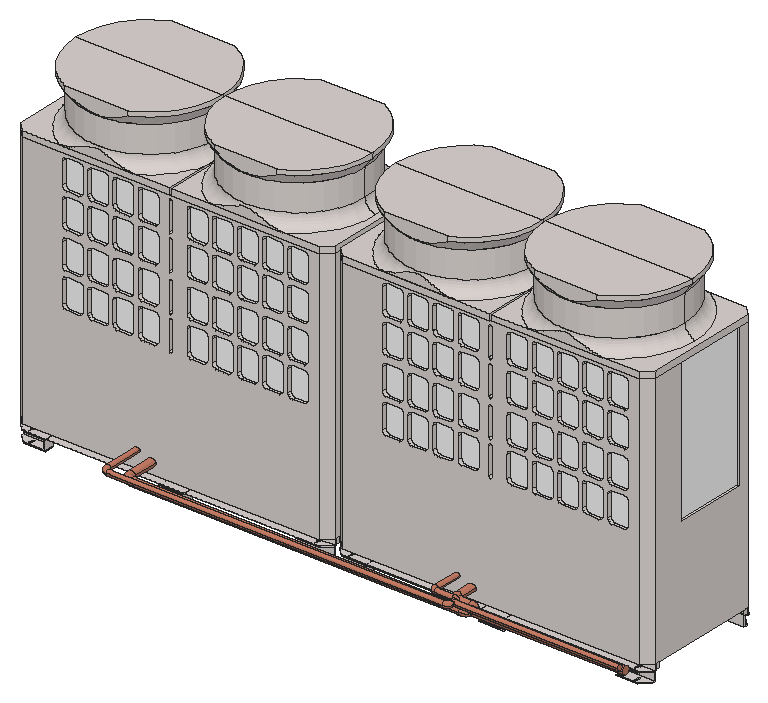
Revit family "PURY-P1000YSNW-A1", category 機械設備, Revit 2016
Family settings
  パーツ タイプ = 標準
  丸型コネクタ寸法 = 半径を使用
  OmniClass 番号 = 23.75.00.00
  OmniClass タイトル = Climate Control (HVAC)
  作業面に基づく = いいえ
  常に垂直 = はい
  ロード時にボイドで切り取り = いいえ
  共有 = いいえ
  部屋の計算ポイント = いいえ
Parameters (values of type "PURY-P1000YSNW-A1_415V_60Hz")
  WarrantyStart = ""
  Temp. range of cooling (Outdoor temp.) (D.B.) = "-5.0 to 52.0"
  Temp. range of cooling (Indoor temp.) (W.B.) = "15.0 to 24.0"
  TagNumber = 0
  SerialNumber = 0
  ReplacementYear = ""
  Outdoor unit 2 Breaker size (A) = 60
  Outdoor unit 1 Breaker size (A) = 60
  Note_1 = "Refrigerant pipe diameters may change depending on the installation condition. Please refer to the installation manual."
  モデル = "PURY-P1000YSNW-A1"
  Width = 3530.000 mm
  Voltage = 415 V
  Unit Weight (kg) = 670
  URL = "http://www.mitsubishielectric.com/"
  Temp. range of heating (Outdoor temp.) (W.B.) = "-20.0 to 15.5"
  Temp. range of heating (Indoor temp.) (D.B.) = "15.0 to 27.0"
  Subcategory = "HVAC"
  Space View = yes
  Sound Pressure Level (dB(A)) Heating mode = 67.5
  Sound Pressure Level (dB(A)) Cooling mode = 66.5
  Refrigerant type = "R410A"
  Refrigerant Charge (kg) = 21.6
  Protection Devices_Inverter circuit (COMP./FAN) = "Over-current protection"
  Protection Devices_High pressure (MPa) = "High pressure sensor, High pressure switch at 4.15"
  Phase = 3
  製造元 = "Mitsubishi Electric Corporation"
  Outdoor unit 2 = PURY-P500YNW-A1 : PURY-P500YNW-A1
  Outdoor unit 1 = PURY-P500YNW-A1 : PURY-P500YNW-A1
  Maximum Circuit Ampacity (A) = 86.4
  Low pressure pipe_radius = 20.640 mm
  InstallationDate = "0"
  Indoor Unit Total Capacity = "50 to 150% of outdoor unit capacity"
  Indoor Unit Model/Quantity = "P10 to P250/2 to 50"
  High pressure pipe_radius = 14.290 mm
  Hertz = 60 Hz
  Height = 1858.000 mm
  Heating SCOP (kW/kW) = 3.92
  Heating Rated Load Ampacity (A) = 56.2
  Heating Power Input (kW) = 36.38
  Heating Power Input (Nominal) (kW) = 30.13
  Heating Current Input (Nominal) (A) = 46.5
  Heating Current Input (A) = 56.2
  Heating Capacity (kW) = 127
  Heating Capacity (Nominal) (kW) = 113
  Heating COP (kW/kW) = 3.49
  Heating COP (Nominal) (kW/kW) = 3.75
  Fan_Type = "Propeller Fan"
  Fan_Quantity = 4
  Fan Motor Output (kW) = 3.68
  External static pressure (Pa) = 0
  External Finish = "Pre-coated galvanized steel sheets (+powder coating for -BS type) <MUNSELL 5Y 8/1 or similar>"
  Equip_description = "0"
  Equip_No. = 0
  Equip_ID = "0"
  Description = "0"
  Depth = 740.000 mm
  CreatedOn = "0"
  CreatedBy = "0"
  Cooling SEER (kW/kW) = 6.05
  Cooling Rated Load Ampacity (A) = 59.6
  Cooling Power Input (kW) = 38.56
  Cooling EER (kW/kW) = 2.93
  Cooling Current Input (Nominal) (A) = 0
  Cooling Current Input (A) = 59.6
  Cooling Capacity (kW) = 113
  Compressor_Type = "Inverter scroll hermetic compressor"
  Compressor_Quantity = 2
  Compressor_Lubricant = "MEL32"
  Compressor Motor Output (kW) = 28.4
  Category = "0"
  Barcode = "0"
  AssetIdentifier = "0"
  Airflow Rate (m3/min) = 590
  Airflow Rate (m3/h) = 35400
Reference planes
  plane 1 "Center (Front/Back)": y = 0
  plane 2: z = 0
  plane 3 "Center (Left/Right)": x = 0
  plane 4: y = 370
  plane 5 "front": y = -370
  plane 6: x = -1765
  plane 7: x = 1765
  plane 8: x = 15
  plane 9: x = -15
  plane 10: z = 1858
  plane 11: x = 783
  plane 12: x = 700
Forms (mm)
  Sweep 1, solid, material "Copper"
    path origin (1017.215, -4.248, 187) x (0, -1, 0) y (1, 0, 0)
      loop
        line (360, -2097.215) -> (570, -2097.215)
        arc (570, -2097.215) -> (591.213, -2088.428) -> (600, -2067.215) r 30
        line (600, -2067.215) -> (600, -198.993)
        arc (600, -198.993) -> (594.142, -184.851) -> (580, -178.993) r 20
        line (580, -178.993) -> (552.385, -178.993)
        arc (552.385, -178.993) -> (538.243, -184.851) -> (532.385, -198.993) r 20
        line (532.385, -198.993) -> (532.385, -297.215)
        arc (532.385, -297.215) -> (526.527, -311.357) -> (512.385, -317.215) r 20
        line (512.385, -317.215) -> (357.385, -317.215)
    profile origin (-1080, -469.248, 187) x (1, 0, 0) y (0, 0, 1)
      loop
        circle (0, 0) r 14.29
  Sweep 2, solid, material "Copper"
    path origin (1039.386, -4.248, 155) x (0, -1, 0) y (1, 0, 0)
      loop
        line (360, -2036.371) -> (509.981, -2036.371)
        arc (509.981, -2036.371) -> (541.785, -2023.198) -> (554.959, -1991.394) r 44.978
        line (554.959, -1991.394) -> (554.959, -520.386) -> (554.959, -160.079)
        arc (554.959, -160.079) -> (546.196, -138.923) -> (525.039, -130.16) r 29.92
        line (525.039, -130.16) -> (520.319, -130.16)
        arc (520.319, -130.16) -> (499.331, -138.853) -> (490.637, -159.841) r 29.681
        line (490.637, -159.841) -> (490.637, -225.116)
        arc (490.637, -225.116) -> (481.779, -246.927) -> (460.222, -256.386) r 31.282
        line (460.222, -256.386) -> (360, -256.386)
    profile origin (-996.985, -439.239, 155) x (1, 0, 0) y (0, 0, 1)
      loop
        circle (0, 0) r 20.64
  Sweep 3, solid, material "Copper"
    path origin (934.386, -4.248, 187) x (0, -1, 0) y (1, 0, 0)
      loop
        line (565.96, -89.386) -> (565.96, 830.614)
    profile origin (1305, -570.208, 187) x (0, 1, 0) y (0, 0, 1)
      loop
        circle (0, 0) r 14.29
  Sweep 4, solid, material "Copper"
    path origin (934.386, -4.248, 155.027) x (-1, 0, 0) y (0, -1, 0)
      loop
        line (30, 523.84) -> (-830, 523.84)
    profile origin (1334.386, -528.088, 155.027) x (0, 1, 0) y (0, 0, 1)
      loop
        circle (0, 0) r 20.64
Dimensions and locks
  plane 6 to plane 3 "Center (Left/Right)" to plane 7 = 1765.000 mm, 1765.000 mm
  plane 6 to plane 9 to plane 8 = 1750.000 mm, 30.000 mm
  plane 8 to plane 7 = 1750.000 mm
  "High pressure pipe_radius": radius of Sweep 3 sketch curve
  "Low pressure pipe_radius": radius of Sweep 4 sketch curve
  aligned and locked: level to plane 2
Automatic sketch dimensions
  Sweep 1 sketch curve to plane 5 "front" = 8.366 mm
  Sweep 1 sketch curve to plane 5 "front" = 5.752 mm
  plane 5 "front" to Sweep 1 sketch curve = 146.634 mm
  Sweep 1 sketch curve to Sweep 1 sketch curve = 20.000 mm  (x2)
  plane 5 "front" to Sweep 1 sketch curve = 204.248 mm
  Sweep 1 sketch curve to Sweep 1 sketch curve = 27.615 mm
  Sweep 1 sketch curve to Sweep 1 sketch curve = 30.000 mm
  plane 6 to Sweep 1 sketch curve = 685.000 mm
  plane 3 "Center (Left/Right)" to Sweep 1 sketch curve = 700.000 mm
  Sweep 1 sketch curve to Sweep 1 sketch curve = 98.222 mm
  profile plane to Sweep 1 sketch curve = 0.000 mm
  Sweep 1 sketch curve to profile plane = 0.000 mm
  profile plane to Sweep 2 sketch curve = 0.000 mm
  Sweep 2 sketch curve to profile plane = 0.000 mm
  Sweep 4 sketch curve to plane 7 = 0.614 mm
  plane 11 to Sweep 4 sketch curve = 121.386 mm
  plane 5 "front" to Sweep 4 sketch curve = 158.088 mm
  plane 11 to Sweep 2 sketch curve = 0.000 mm
  Sweep 2 sketch curve to plane 5 "front" = 5.752 mm  (x2)
  plane 5 "front" to Sweep 2 sketch curve = 94.470 mm
  Sweep 2 sketch curve to Sweep 2 sketch curve = 0.867 mm
  plane 5 "front" to Sweep 2 sketch curve = 144.230 mm
  Sweep 2 sketch curve to Sweep 2 sketch curve = 29.681 mm
  Sweep 2 sketch curve to Sweep 2 sketch curve = 4.721 mm
  Sweep 2 sketch curve to Sweep 2 sketch curve = 29.920 mm
  Sweep 2 sketch curve to plane 12 = 181.000 mm
  plane 6 to Sweep 2 sketch curve = 812.993 mm
  Sweep 2 sketch curve to Sweep 2 sketch curve = 65.037 mm
  Sweep 2 sketch curve to Sweep 2 sketch curve = 31.282 mm
  Sweep 3 sketch curve to plane 7 = 0.000 mm
  plane 5 "front" to Sweep 3 sketch curve = 200.208 mm
  plane 11 to Sweep 3 sketch curve = 62.000 mm
  Sweep 3 sketch curve to profile plane = 0.000 mm  (x2)
  Sweep 4 sketch curve to profile plane = 0.000 mm  (x2)
  radius of Sweep 1 sketch curve = 14.290 mm
  radius of Sweep 2 sketch curve = 20.640 mm
Nested families
  nested 1: "PURY-P500YNW-A1" at (-890, 0, 0), type <- "Outdoor unit 1", type "PURY-P500YNW-A1"
  nested 2: "PURY-P500YNW-A1" at (890, 0, 0), type <- "Outdoor unit 2", type "PURY-P500YNW-A1"
Connectors
  piping at (1764.386, -528.088, 155.027), diameter 41.28, driven by "Low pressure pipe_radius"
    settings: on Sweep 4, index 1, connector inside diameter 41.28 mm, connector length 0.000 mm, flow factor 0, pipe flow 0.0 L/s, pressure drop 0.0 Pa, fitting loss kfactor 0, connector angle 0.00°, fixture units 0, engagement length 0.000 mm, angle of deflection 0.00°, flow configuration 0, flow direction 0, fitting loss method 0, system type 22, joint type 0, gender type 0, connector reference index -1, connector utility 0, adjustable connector no, is connector primary yes, connector description "BC controller-Twinning pipe(Low pressure)"
  piping at (1765, -570.208, 187), diameter 28.58, driven by "High pressure pipe_radius"
    settings: on Sweep 3, index 2, connector inside diameter 28.58 mm, connector length 0.000 mm, flow factor 0, pipe flow 0.0 L/s, pressure drop 0.0 Pa, fitting loss kfactor 0, connector angle 0.00°, fixture units 0, engagement length 0.000 mm, angle of deflection 0.00°, flow configuration 0, flow direction 0, fitting loss method 0, system type 22, joint type 0, gender type 0, connector reference index -1, connector utility 0, adjustable connector no, is connector primary no, connector description "BC controller-Twinning pipe(High pressure)"
  electrical at (319, -370, 280), driven by "Phase", driven by "Voltage"
    settings: index 4, voltage 415 V, apparent load 0 VA, apparent load phase1 0 VA, apparent load phase2 0 VA, apparent load phase3 0 VA, power factor 1, load classification "HVAC", number of poles 3, system type 30, power factor state 1, is connector primary yes, connector utility no, sub classification motor no, connector description ""
  electrical at (-633, -370, 280), driven by "Phase", driven by "Voltage"
    settings: index 5, voltage 415 V, apparent load 0 VA, apparent load phase1 0 VA, apparent load phase2 0 VA, apparent load phase3 0 VA, power factor 1, load classification "HVAC", number of poles 3, system type 30, power factor state 1, is connector primary no, connector utility no, sub classification motor no, connector description ""
Definition of nested family "PURY-P500YNW-A1"
  Parameters
    Model = "PURY-P500YNW-A"
    URL = "http://www.mitsubishielectric.com/"
    Manufacturer = "Mitsubishi Electric Corporation"
    Liquid pipe_radius = 12.700 mm
    Gas pipe_radius = 14.290 mm
  Reference planes
    plane 1 "Center (Front/Back)": y = 0
    plane 2: z = 0
    plane 3 "Center (Left/Right)": x = 0
    plane 4 "panel_L": x = -875
    plane 5: y = 370
    plane 6 "front": y = -370
    plane 7: x = 875
    plane 8: x = -798
    plane 9: x = 798
    plane 10: x = 850
    plane 11: x = -190
    plane 12: x = -107
    plane 13: y = -185
    plane 14: z = 1858
  Forms (mm)
    Extrusion 1, solid
      sketch origin (0, 0, 113) x (-1, 0, 0) y (0, -1, 0)
        loop
          line (825, -370) -> (875, -320) -> (875, 320) -> (825, 370) -> (-825, 370) -> (-875, 320) -> (-875, -320) -> (-825, -370) -> (825, -370)
      from -18 to 1408
    Extrusion 2, void
      sketch origin (802, -370, 113) x (1, 0, 0) y (0, 0, -1)
        loop
          arc (-60.8, -1393.5) -> (-42.557, -1385.943) -> (-35, -1367.7) r 25.8
          line (-35, -1367.7) -> (-35, -1248.5)
          arc (-35, -1248.5) -> (-42.557, -1230.257) -> (-60.8, -1222.7) r 25.8
          line (-60.8, -1222.7) -> (-126, -1222.7)
          arc (-126, -1222.7) -> (-144.243, -1230.257) -> (-151.8, -1248.5) r 25.8
          line (-151.8, -1248.5) -> (-151.8, -1367.7)
          arc (-151.8, -1367.7) -> (-144.243, -1385.943) -> (-126, -1393.5) r 25.8
          line (-126, -1393.5) -> (-60.8, -1393.5)
      from 0 to 20
    Extrusion 3, void
      sketch origin (802, -370, -81) x (1, 0, 0) y (0, 0, -1)
        loop
          arc (-60.8, -1393.5) -> (-42.557, -1385.943) -> (-35, -1367.7) r 25.8
          line (-35, -1367.7) -> (-35, -1248.5)
          arc (-35, -1248.5) -> (-42.557, -1230.257) -> (-60.8, -1222.7) r 25.8
          line (-60.8, -1222.7) -> (-126, -1222.7)
          arc (-126, -1222.7) -> (-144.243, -1230.257) -> (-151.8, -1248.5) r 25.8
          line (-151.8, -1248.5) -> (-151.8, -1367.7)
          arc (-151.8, -1367.7) -> (-144.243, -1385.943) -> (-126, -1393.5) r 25.8
          line (-126, -1393.5) -> (-60.8, -1393.5)
      from 0 to 20
    Extrusion 4, void
      sketch origin (802, -370, -287) x (1, 0, 0) y (0, 0, -1)
        loop
          arc (-60.8, -1393.5) -> (-42.557, -1385.943) -> (-35, -1367.7) r 25.8
          line (-35, -1367.7) -> (-35, -1248.5)
          arc (-35, -1248.5) -> (-42.557, -1230.257) -> (-60.8, -1222.7) r 25.8
          line (-60.8, -1222.7) -> (-126, -1222.7)
          arc (-126, -1222.7) -> (-144.243, -1230.257) -> (-151.8, -1248.5) r 25.8
          line (-151.8, -1248.5) -> (-151.8, -1367.7)
          arc (-151.8, -1367.7) -> (-144.243, -1385.943) -> (-126, -1393.5) r 25.8
          line (-126, -1393.5) -> (-60.8, -1393.5)
      from 0 to 20
    Extrusion 5, void
      sketch origin (802, -370, -481) x (1, 0, 0) y (0, 0, -1)
        loop
          arc (-60.8, -1393.5) -> (-42.557, -1385.943) -> (-35, -1367.7) r 25.8
          line (-35, -1367.7) -> (-35, -1248.5)
          arc (-35, -1248.5) -> (-42.557, -1230.257) -> (-60.8, -1222.7) r 25.8
          line (-60.8, -1222.7) -> (-126, -1222.7)
          arc (-126, -1222.7) -> (-144.243, -1230.257) -> (-151.8, -1248.5) r 25.8
          line (-151.8, -1248.5) -> (-151.8, -1367.7)
          arc (-151.8, -1367.7) -> (-144.243, -1385.943) -> (-126, -1393.5) r 25.8
          line (-126, -1393.5) -> (-60.8, -1393.5)
      from 0 to 20
    Extrusion 6, void
      sketch origin (662, -370, 113) x (1, 0, 0) y (0, 0, -1)
        loop
          arc (-60.8, -1393.5) -> (-42.557, -1385.943) -> (-35, -1367.7) r 25.8
          line (-35, -1367.7) -> (-35, -1248.5)
          arc (-35, -1248.5) -> (-42.557, -1230.257) -> (-60.8, -1222.7) r 25.8
          line (-60.8, -1222.7) -> (-126, -1222.7)
          arc (-126, -1222.7) -> (-144.243, -1230.257) -> (-151.8, -1248.5) r 25.8
          line (-151.8, -1248.5) -> (-151.8, -1367.7)
          arc (-151.8, -1367.7) -> (-144.243, -1385.943) -> (-126, -1393.5) r 25.8
          line (-126, -1393.5) -> (-60.8, -1393.5)
      from 0 to 20
    Extrusion 7, void
      sketch origin (662, -370, -81) x (1, 0, 0) y (0, 0, -1)
        loop
          arc (-60.8, -1393.5) -> (-42.557, -1385.943) -> (-35, -1367.7) r 25.8
          line (-35, -1367.7) -> (-35, -1248.5)
          arc (-35, -1248.5) -> (-42.557, -1230.257) -> (-60.8, -1222.7) r 25.8
          line (-60.8, -1222.7) -> (-126, -1222.7)
          arc (-126, -1222.7) -> (-144.243, -1230.257) -> (-151.8, -1248.5) r 25.8
          line (-151.8, -1248.5) -> (-151.8, -1367.7)
          arc (-151.8, -1367.7) -> (-144.243, -1385.943) -> (-126, -1393.5) r 25.8
          line (-126, -1393.5) -> (-60.8, -1393.5)
      from 0 to 20
    Extrusion 8, void
      sketch origin (662, -370, -287) x (1, 0, 0) y (0, 0, -1)
        loop
          arc (-60.8, -1393.5) -> (-42.557, -1385.943) -> (-35, -1367.7) r 25.8
          line (-35, -1367.7) -> (-35, -1248.5)
          arc (-35, -1248.5) -> (-42.557, -1230.257) -> (-60.8, -1222.7) r 25.8
          line (-60.8, -1222.7) -> (-126, -1222.7)
          arc (-126, -1222.7) -> (-144.243, -1230.257) -> (-151.8, -1248.5) r 25.8
          line (-151.8, -1248.5) -> (-151.8, -1367.7)
          arc (-151.8, -1367.7) -> (-144.243, -1385.943) -> (-126, -1393.5) r 25.8
          line (-126, -1393.5) -> (-60.8, -1393.5)
      from 0 to 20
    Extrusion 9, void
      sketch origin (662, -370, -481) x (1, 0, 0) y (0, 0, -1)
        loop
          arc (-60.8, -1393.5) -> (-42.557, -1385.943) -> (-35, -1367.7) r 25.8
          line (-35, -1367.7) -> (-35, -1248.5)
          arc (-35, -1248.5) -> (-42.557, -1230.257) -> (-60.8, -1222.7) r 25.8
          line (-60.8, -1222.7) -> (-126, -1222.7)
          arc (-126, -1222.7) -> (-144.243, -1230.257) -> (-151.8, -1248.5) r 25.8
          line (-151.8, -1248.5) -> (-151.8, -1367.7)
          arc (-151.8, -1367.7) -> (-144.243, -1385.943) -> (-126, -1393.5) r 25.8
          line (-126, -1393.5) -> (-60.8, -1393.5)
      from 0 to 20
    Extrusion 10, void
      sketch origin (522, -370, 113) x (1, 0, 0) y (0, 0, -1)
        loop
          arc (-60.8, -1393.5) -> (-42.557, -1385.943) -> (-35, -1367.7) r 25.8
          line (-35, -1367.7) -> (-35, -1248.5)
          arc (-35, -1248.5) -> (-42.557, -1230.257) -> (-60.8, -1222.7) r 25.8
          line (-60.8, -1222.7) -> (-126, -1222.7)
          arc (-126, -1222.7) -> (-144.243, -1230.257) -> (-151.8, -1248.5) r 25.8
          line (-151.8, -1248.5) -> (-151.8, -1367.7)
          arc (-151.8, -1367.7) -> (-144.243, -1385.943) -> (-126, -1393.5) r 25.8
          line (-126, -1393.5) -> (-60.8, -1393.5)
      from 0 to 20
    Extrusion 11, void
      sketch origin (522, -370, -81) x (1, 0, 0) y (0, 0, -1)
        loop
          arc (-60.8, -1393.5) -> (-42.557, -1385.943) -> (-35, -1367.7) r 25.8
          line (-35, -1367.7) -> (-35, -1248.5)
          arc (-35, -1248.5) -> (-42.557, -1230.257) -> (-60.8, -1222.7) r 25.8
          line (-60.8, -1222.7) -> (-126, -1222.7)
          arc (-126, -1222.7) -> (-144.243, -1230.257) -> (-151.8, -1248.5) r 25.8
          line (-151.8, -1248.5) -> (-151.8, -1367.7)
          arc (-151.8, -1367.7) -> (-144.243, -1385.943) -> (-126, -1393.5) r 25.8
          line (-126, -1393.5) -> (-60.8, -1393.5)
      from 0 to 20
    Extrusion 12, void
      sketch origin (522, -370, -287) x (1, 0, 0) y (0, 0, -1)
        loop
          arc (-60.8, -1393.5) -> (-42.557, -1385.943) -> (-35, -1367.7) r 25.8
          line (-35, -1367.7) -> (-35, -1248.5)
          arc (-35, -1248.5) -> (-42.557, -1230.257) -> (-60.8, -1222.7) r 25.8
          line (-60.8, -1222.7) -> (-126, -1222.7)
          arc (-126, -1222.7) -> (-144.243, -1230.257) -> (-151.8, -1248.5) r 25.8
          line (-151.8, -1248.5) -> (-151.8, -1367.7)
          arc (-151.8, -1367.7) -> (-144.243, -1385.943) -> (-126, -1393.5) r 25.8
          line (-126, -1393.5) -> (-60.8, -1393.5)
      from 0 to 20
    Extrusion 13, void
      sketch origin (522, -370, -481) x (1, 0, 0) y (0, 0, -1)
        loop
          arc (-60.8, -1393.5) -> (-42.557, -1385.943) -> (-35, -1367.7) r 25.8
          line (-35, -1367.7) -> (-35, -1248.5)
          arc (-35, -1248.5) -> (-42.557, -1230.257) -> (-60.8, -1222.7) r 25.8
          line (-60.8, -1222.7) -> (-126, -1222.7)
          arc (-126, -1222.7) -> (-144.243, -1230.257) -> (-151.8, -1248.5) r 25.8
          line (-151.8, -1248.5) -> (-151.8, -1367.7)
          arc (-151.8, -1367.7) -> (-144.243, -1385.943) -> (-126, -1393.5) r 25.8
          line (-126, -1393.5) -> (-60.8, -1393.5)
      from 0 to 20
    Extrusion 14, void
      sketch origin (382, -370, 113) x (1, 0, 0) y (0, 0, -1)
        loop
          arc (-60.8, -1393.5) -> (-42.557, -1385.943) -> (-35, -1367.7) r 25.8
          line (-35, -1367.7) -> (-35, -1248.5)
          arc (-35, -1248.5) -> (-42.557, -1230.257) -> (-60.8, -1222.7) r 25.8
          line (-60.8, -1222.7) -> (-126, -1222.7)
          arc (-126, -1222.7) -> (-144.243, -1230.257) -> (-151.8, -1248.5) r 25.8
          line (-151.8, -1248.5) -> (-151.8, -1367.7)
          arc (-151.8, -1367.7) -> (-144.243, -1385.943) -> (-126, -1393.5) r 25.8
          line (-126, -1393.5) -> (-60.8, -1393.5)
      from 0 to 20
    Extrusion 15, void
      sketch origin (382, -370, -81) x (1, 0, 0) y (0, 0, -1)
        loop
          arc (-60.8, -1393.5) -> (-42.557, -1385.943) -> (-35, -1367.7) r 25.8
          line (-35, -1367.7) -> (-35, -1248.5)
          arc (-35, -1248.5) -> (-42.557, -1230.257) -> (-60.8, -1222.7) r 25.8
          line (-60.8, -1222.7) -> (-126, -1222.7)
          arc (-126, -1222.7) -> (-144.243, -1230.257) -> (-151.8, -1248.5) r 25.8
          line (-151.8, -1248.5) -> (-151.8, -1367.7)
          arc (-151.8, -1367.7) -> (-144.243, -1385.943) -> (-126, -1393.5) r 25.8
          line (-126, -1393.5) -> (-60.8, -1393.5)
      from 0 to 20
    Extrusion 16, void
      sketch origin (382, -370, -287) x (1, 0, 0) y (0, 0, -1)
        loop
          arc (-60.8, -1393.5) -> (-42.557, -1385.943) -> (-35, -1367.7) r 25.8
          line (-35, -1367.7) -> (-35, -1248.5)
          arc (-35, -1248.5) -> (-42.557, -1230.257) -> (-60.8, -1222.7) r 25.8
          line (-60.8, -1222.7) -> (-126, -1222.7)
          arc (-126, -1222.7) -> (-144.243, -1230.257) -> (-151.8, -1248.5) r 25.8
          line (-151.8, -1248.5) -> (-151.8, -1367.7)
          arc (-151.8, -1367.7) -> (-144.243, -1385.943) -> (-126, -1393.5) r 25.8
          line (-126, -1393.5) -> (-60.8, -1393.5)
      from 0 to 20
    Extrusion 17, void
      sketch origin (382, -370, -481) x (1, 0, 0) y (0, 0, -1)
        loop
          arc (-60.8, -1393.5) -> (-42.557, -1385.943) -> (-35, -1367.7) r 25.8
          line (-35, -1367.7) -> (-35, -1248.5)
          arc (-35, -1248.5) -> (-42.557, -1230.257) -> (-60.8, -1222.7) r 25.8
          line (-60.8, -1222.7) -> (-126, -1222.7)
          arc (-126, -1222.7) -> (-144.243, -1230.257) -> (-151.8, -1248.5) r 25.8
          line (-151.8, -1248.5) -> (-151.8, -1367.7)
          arc (-151.8, -1367.7) -> (-144.243, -1385.943) -> (-126, -1393.5) r 25.8
          line (-126, -1393.5) -> (-60.8, -1393.5)
      from 0 to 20
    Extrusion 18, void
      sketch origin (242, -370, 113) x (1, 0, 0) y (0, 0, -1)
        loop
          arc (-60.8, -1393.5) -> (-42.557, -1385.943) -> (-35, -1367.7) r 25.8
          line (-35, -1367.7) -> (-35, -1248.5)
          arc (-35, -1248.5) -> (-42.557, -1230.257) -> (-60.8, -1222.7) r 25.8
          line (-60.8, -1222.7) -> (-126, -1222.7)
          arc (-126, -1222.7) -> (-144.243, -1230.257) -> (-151.8, -1248.5) r 25.8
          line (-151.8, -1248.5) -> (-151.8, -1367.7)
          arc (-151.8, -1367.7) -> (-144.243, -1385.943) -> (-126, -1393.5) r 25.8
          line (-126, -1393.5) -> (-60.8, -1393.5)
      from 0 to 20
    Extrusion 19, void
      sketch origin (242, -370, -81) x (1, 0, 0) y (0, 0, -1)
        loop
          arc (-60.8, -1393.5) -> (-42.557, -1385.943) -> (-35, -1367.7) r 25.8
          line (-35, -1367.7) -> (-35, -1248.5)
          arc (-35, -1248.5) -> (-42.557, -1230.257) -> (-60.8, -1222.7) r 25.8
          line (-60.8, -1222.7) -> (-126, -1222.7)
          arc (-126, -1222.7) -> (-144.243, -1230.257) -> (-151.8, -1248.5) r 25.8
          line (-151.8, -1248.5) -> (-151.8, -1367.7)
          arc (-151.8, -1367.7) -> (-144.243, -1385.943) -> (-126, -1393.5) r 25.8
          line (-126, -1393.5) -> (-60.8, -1393.5)
      from 0 to 20
    Extrusion 20, void
      sketch origin (242, -370, -287) x (1, 0, 0) y (0, 0, -1)
        loop
          arc (-60.8, -1393.5) -> (-42.557, -1385.943) -> (-35, -1367.7) r 25.8
          line (-35, -1367.7) -> (-35, -1248.5)
          arc (-35, -1248.5) -> (-42.557, -1230.257) -> (-60.8, -1222.7) r 25.8
          line (-60.8, -1222.7) -> (-126, -1222.7)
          arc (-126, -1222.7) -> (-144.243, -1230.257) -> (-151.8, -1248.5) r 25.8
          line (-151.8, -1248.5) -> (-151.8, -1367.7)
          arc (-151.8, -1367.7) -> (-144.243, -1385.943) -> (-126, -1393.5) r 25.8
          line (-126, -1393.5) -> (-60.8, -1393.5)
      from 0 to 20
    Extrusion 21, void
      sketch origin (242, -370, -481) x (1, 0, 0) y (0, 0, -1)
        loop
          arc (-60.8, -1393.5) -> (-42.557, -1385.943) -> (-35, -1367.7) r 25.8
          line (-35, -1367.7) -> (-35, -1248.5)
          arc (-35, -1248.5) -> (-42.557, -1230.257) -> (-60.8, -1222.7) r 25.8
          line (-60.8, -1222.7) -> (-126, -1222.7)
          arc (-126, -1222.7) -> (-144.243, -1230.257) -> (-151.8, -1248.5) r 25.8
          line (-151.8, -1248.5) -> (-151.8, -1367.7)
          arc (-151.8, -1367.7) -> (-144.243, -1385.943) -> (-126, -1393.5) r 25.8
          line (-126, -1393.5) -> (-60.8, -1393.5)
      from 0 to 20
    Extrusion 22, void
      sketch origin (-30, -370, 113) x (1, 0, 0) y (0, 0, -1)
        loop
          arc (-60.8, -1393.5) -> (-42.557, -1385.943) -> (-35, -1367.7) r 25.8
          line (-35, -1367.7) -> (-35, -1248.5)
          arc (-35, -1248.5) -> (-42.557, -1230.257) -> (-60.8, -1222.7) r 25.8
          line (-60.8, -1222.7) -> (-126, -1222.7)
          arc (-126, -1222.7) -> (-144.243, -1230.257) -> (-151.8, -1248.5) r 25.8
          line (-151.8, -1248.5) -> (-151.8, -1367.7)
          arc (-151.8, -1367.7) -> (-144.243, -1385.943) -> (-126, -1393.5) r 25.8
          line (-126, -1393.5) -> (-60.8, -1393.5)
      from 0 to 20
    Extrusion 23, void
      sketch origin (-30, -370, -81) x (1, 0, 0) y (0, 0, -1)
        loop
          arc (-60.8, -1393.5) -> (-42.557, -1385.943) -> (-35, -1367.7) r 25.8
          line (-35, -1367.7) -> (-35, -1248.5)
          arc (-35, -1248.5) -> (-42.557, -1230.257) -> (-60.8, -1222.7) r 25.8
          line (-60.8, -1222.7) -> (-126, -1222.7)
          arc (-126, -1222.7) -> (-144.243, -1230.257) -> (-151.8, -1248.5) r 25.8
          line (-151.8, -1248.5) -> (-151.8, -1367.7)
          arc (-151.8, -1367.7) -> (-144.243, -1385.943) -> (-126, -1393.5) r 25.8
          line (-126, -1393.5) -> (-60.8, -1393.5)
      from 0 to 20
    Extrusion 24, void
      sketch origin (-30, -370, -287) x (1, 0, 0) y (0, 0, -1)
        loop
          arc (-60.8, -1393.5) -> (-42.557, -1385.943) -> (-35, -1367.7) r 25.8
          line (-35, -1367.7) -> (-35, -1248.5)
          arc (-35, -1248.5) -> (-42.557, -1230.257) -> (-60.8, -1222.7) r 25.8
          line (-60.8, -1222.7) -> (-126, -1222.7)
          arc (-126, -1222.7) -> (-144.243, -1230.257) -> (-151.8, -1248.5) r 25.8
          line (-151.8, -1248.5) -> (-151.8, -1367.7)
          arc (-151.8, -1367.7) -> (-144.243, -1385.943) -> (-126, -1393.5) r 25.8
          line (-126, -1393.5) -> (-60.8, -1393.5)
      from 0 to 20
    Extrusion 25, void
      sketch origin (-30, -370, -481) x (1, 0, 0) y (0, 0, -1)
        loop
          arc (-60.8, -1393.5) -> (-42.557, -1385.943) -> (-35, -1367.7) r 25.8
          line (-35, -1367.7) -> (-35, -1248.5)
          arc (-35, -1248.5) -> (-42.557, -1230.257) -> (-60.8, -1222.7) r 25.8
          line (-60.8, -1222.7) -> (-126, -1222.7)
          arc (-126, -1222.7) -> (-144.243, -1230.257) -> (-151.8, -1248.5) r 25.8
          line (-151.8, -1248.5) -> (-151.8, -1367.7)
          arc (-151.8, -1367.7) -> (-144.243, -1385.943) -> (-126, -1393.5) r 25.8
          line (-126, -1393.5) -> (-60.8, -1393.5)
      from 0 to 20
    Extrusion 26, void
      sketch origin (-170, -370, 113) x (1, 0, 0) y (0, 0, -1)
        loop
          arc (-60.8, -1393.5) -> (-42.557, -1385.943) -> (-35, -1367.7) r 25.8
          line (-35, -1367.7) -> (-35, -1248.5)
          arc (-35, -1248.5) -> (-42.557, -1230.257) -> (-60.8, -1222.7) r 25.8
          line (-60.8, -1222.7) -> (-126, -1222.7)
          arc (-126, -1222.7) -> (-144.243, -1230.257) -> (-151.8, -1248.5) r 25.8
          line (-151.8, -1248.5) -> (-151.8, -1367.7)
          arc (-151.8, -1367.7) -> (-144.243, -1385.943) -> (-126, -1393.5) r 25.8
          line (-126, -1393.5) -> (-60.8, -1393.5)
      from 0 to 20
    Extrusion 27, void
      sketch origin (-170, -370, -81) x (1, 0, 0) y (0, 0, -1)
        loop
          arc (-60.8, -1393.5) -> (-42.557, -1385.943) -> (-35, -1367.7) r 25.8
          line (-35, -1367.7) -> (-35, -1248.5)
          arc (-35, -1248.5) -> (-42.557, -1230.257) -> (-60.8, -1222.7) r 25.8
          line (-60.8, -1222.7) -> (-126, -1222.7)
          arc (-126, -1222.7) -> (-144.243, -1230.257) -> (-151.8, -1248.5) r 25.8
          line (-151.8, -1248.5) -> (-151.8, -1367.7)
          arc (-151.8, -1367.7) -> (-144.243, -1385.943) -> (-126, -1393.5) r 25.8
          line (-126, -1393.5) -> (-60.8, -1393.5)
      from 0 to 20
    Extrusion 28, void
      sketch origin (-170, -370, -287) x (1, 0, 0) y (0, 0, -1)
        loop
          arc (-60.8, -1393.5) -> (-42.557, -1385.943) -> (-35, -1367.7) r 25.8
          line (-35, -1367.7) -> (-35, -1248.5)
          arc (-35, -1248.5) -> (-42.557, -1230.257) -> (-60.8, -1222.7) r 25.8
          line (-60.8, -1222.7) -> (-126, -1222.7)
          arc (-126, -1222.7) -> (-144.243, -1230.257) -> (-151.8, -1248.5) r 25.8
          line (-151.8, -1248.5) -> (-151.8, -1367.7)
          arc (-151.8, -1367.7) -> (-144.243, -1385.943) -> (-126, -1393.5) r 25.8
          line (-126, -1393.5) -> (-60.8, -1393.5)
      from 0 to 20
    Extrusion 29, void
      sketch origin (-170, -370, -481) x (1, 0, 0) y (0, 0, -1)
        loop
          arc (-60.8, -1393.5) -> (-42.557, -1385.943) -> (-35, -1367.7) r 25.8
          line (-35, -1367.7) -> (-35, -1248.5)
          arc (-35, -1248.5) -> (-42.557, -1230.257) -> (-60.8, -1222.7) r 25.8
          line (-60.8, -1222.7) -> (-126, -1222.7)
          arc (-126, -1222.7) -> (-144.243, -1230.257) -> (-151.8, -1248.5) r 25.8
          line (-151.8, -1248.5) -> (-151.8, -1367.7)
          arc (-151.8, -1367.7) -> (-144.243, -1385.943) -> (-126, -1393.5) r 25.8
          line (-126, -1393.5) -> (-60.8, -1393.5)
      from 0 to 20
    Extrusion 30, void
      sketch origin (-310, -370, 113) x (1, 0, 0) y (0, 0, -1)
        loop
          arc (-60.8, -1393.5) -> (-42.557, -1385.943) -> (-35, -1367.7) r 25.8
          line (-35, -1367.7) -> (-35, -1248.5)
          arc (-35, -1248.5) -> (-42.557, -1230.257) -> (-60.8, -1222.7) r 25.8
          line (-60.8, -1222.7) -> (-126, -1222.7)
          arc (-126, -1222.7) -> (-144.243, -1230.257) -> (-151.8, -1248.5) r 25.8
          line (-151.8, -1248.5) -> (-151.8, -1367.7)
          arc (-151.8, -1367.7) -> (-144.243, -1385.943) -> (-126, -1393.5) r 25.8
          line (-126, -1393.5) -> (-60.8, -1393.5)
      from 0 to 20
    Extrusion 31, void
      sketch origin (-310, -370, -81) x (1, 0, 0) y (0, 0, -1)
        loop
          arc (-60.8, -1393.5) -> (-42.557, -1385.943) -> (-35, -1367.7) r 25.8
          line (-35, -1367.7) -> (-35, -1248.5)
          arc (-35, -1248.5) -> (-42.557, -1230.257) -> (-60.8, -1222.7) r 25.8
          line (-60.8, -1222.7) -> (-126, -1222.7)
          arc (-126, -1222.7) -> (-144.243, -1230.257) -> (-151.8, -1248.5) r 25.8
          line (-151.8, -1248.5) -> (-151.8, -1367.7)
          arc (-151.8, -1367.7) -> (-144.243, -1385.943) -> (-126, -1393.5) r 25.8
          line (-126, -1393.5) -> (-60.8, -1393.5)
      from 0 to 20
    Extrusion 32, void
      sketch origin (-310, -370, -287) x (1, 0, 0) y (0, 0, -1)
        loop
          arc (-60.8, -1393.5) -> (-42.557, -1385.943) -> (-35, -1367.7) r 25.8
          line (-35, -1367.7) -> (-35, -1248.5)
          arc (-35, -1248.5) -> (-42.557, -1230.257) -> (-60.8, -1222.7) r 25.8
          line (-60.8, -1222.7) -> (-126, -1222.7)
          arc (-126, -1222.7) -> (-144.243, -1230.257) -> (-151.8, -1248.5) r 25.8
          line (-151.8, -1248.5) -> (-151.8, -1367.7)
          arc (-151.8, -1367.7) -> (-144.243, -1385.943) -> (-126, -1393.5) r 25.8
          line (-126, -1393.5) -> (-60.8, -1393.5)
      from 0 to 20
    Extrusion 33, void
      sketch origin (-310, -370, -481) x (1, 0, 0) y (0, 0, -1)
        loop
          arc (-60.8, -1393.5) -> (-42.557, -1385.943) -> (-35, -1367.7) r 25.8
          line (-35, -1367.7) -> (-35, -1248.5)
          arc (-35, -1248.5) -> (-42.557, -1230.257) -> (-60.8, -1222.7) r 25.8
          line (-60.8, -1222.7) -> (-126, -1222.7)
          arc (-126, -1222.7) -> (-144.243, -1230.257) -> (-151.8, -1248.5) r 25.8
          line (-151.8, -1248.5) -> (-151.8, -1367.7)
          arc (-151.8, -1367.7) -> (-144.243, -1385.943) -> (-126, -1393.5) r 25.8
          line (-126, -1393.5) -> (-60.8, -1393.5)
      from 0 to 20
    Extrusion 34, void
      sketch origin (-450, -370, 113) x (1, 0, 0) y (0, 0, -1)
        loop
          arc (-60.8, -1393.5) -> (-42.557, -1385.943) -> (-35, -1367.7) r 25.8
          line (-35, -1367.7) -> (-35, -1248.5)
          arc (-35, -1248.5) -> (-42.557, -1230.257) -> (-60.8, -1222.7) r 25.8
          line (-60.8, -1222.7) -> (-126, -1222.7)
          arc (-126, -1222.7) -> (-144.243, -1230.257) -> (-151.8, -1248.5) r 25.8
          line (-151.8, -1248.5) -> (-151.8, -1367.7)
          arc (-151.8, -1367.7) -> (-144.243, -1385.943) -> (-126, -1393.5) r 25.8
          line (-126, -1393.5) -> (-60.8, -1393.5)
      from 0 to 20
    Extrusion 35, void
      sketch origin (-450, -370, -81) x (1, 0, 0) y (0, 0, -1)
        loop
          arc (-60.8, -1393.5) -> (-42.557, -1385.943) -> (-35, -1367.7) r 25.8
          line (-35, -1367.7) -> (-35, -1248.5)
          arc (-35, -1248.5) -> (-42.557, -1230.257) -> (-60.8, -1222.7) r 25.8
          line (-60.8, -1222.7) -> (-126, -1222.7)
          arc (-126, -1222.7) -> (-144.243, -1230.257) -> (-151.8, -1248.5) r 25.8
          line (-151.8, -1248.5) -> (-151.8, -1367.7)
          arc (-151.8, -1367.7) -> (-144.243, -1385.943) -> (-126, -1393.5) r 25.8
          line (-126, -1393.5) -> (-60.8, -1393.5)
      from 0 to 20
    Extrusion 36, void
      sketch origin (-450, -370, -287) x (1, 0, 0) y (0, 0, -1)
        loop
          arc (-60.8, -1393.5) -> (-42.557, -1385.943) -> (-35, -1367.7) r 25.8
          line (-35, -1367.7) -> (-35, -1248.5)
          arc (-35, -1248.5) -> (-42.557, -1230.257) -> (-60.8, -1222.7) r 25.8
          line (-60.8, -1222.7) -> (-126, -1222.7)
          arc (-126, -1222.7) -> (-144.243, -1230.257) -> (-151.8, -1248.5) r 25.8
          line (-151.8, -1248.5) -> (-151.8, -1367.7)
          arc (-151.8, -1367.7) -> (-144.243, -1385.943) -> (-126, -1393.5) r 25.8
          line (-126, -1393.5) -> (-60.8, -1393.5)
      from 0 to 20
    Extrusion 37, void
      sketch origin (-450, -370, -481) x (1, 0, 0) y (0, 0, -1)
        loop
          arc (-60.8, -1393.5) -> (-42.557, -1385.943) -> (-35, -1367.7) r 25.8
          line (-35, -1367.7) -> (-35, -1248.5)
          arc (-35, -1248.5) -> (-42.557, -1230.257) -> (-60.8, -1222.7) r 25.8
          line (-60.8, -1222.7) -> (-126, -1222.7)
          arc (-126, -1222.7) -> (-144.243, -1230.257) -> (-151.8, -1248.5) r 25.8
          line (-151.8, -1248.5) -> (-151.8, -1367.7)
          arc (-151.8, -1367.7) -> (-144.243, -1385.943) -> (-126, -1393.5) r 25.8
          line (-126, -1393.5) -> (-60.8, -1393.5)
      from 0 to 20
    Extrusion 38, void
      sketch origin (825, -370, 113) x (1, 0, 0) y (0, 0, -1)
        loop
          line (-834.892, -1225.013) -> (-834.892, -1379.987)
          arc (-834.892, -1379.987) -> (-824.892, -1389.987) -> (-814.892, -1379.987) r 10
          line (-814.892, -1379.987) -> (-814.892, -1225.013)
          arc (-814.892, -1225.013) -> (-824.892, -1215.013) -> (-834.892, -1225.013) r 10
        loop
          line (-834.892, -1031.013) -> (-834.892, -1185.987)
          arc (-834.892, -1185.987) -> (-824.892, -1195.987) -> (-814.892, -1185.987) r 10
          line (-814.892, -1185.987) -> (-814.892, -1031.013)
          arc (-814.892, -1031.013) -> (-824.892, -1021.013) -> (-834.892, -1031.013) r 10
        loop
          line (-834.892, -825.013) -> (-834.892, -979.987)
          arc (-834.892, -979.987) -> (-824.892, -989.987) -> (-814.892, -979.987) r 10
          line (-814.892, -979.987) -> (-814.892, -825.013)
          arc (-814.892, -825.013) -> (-824.892, -815.013) -> (-834.892, -825.013) r 10
        loop
          line (-834.892, -631.013) -> (-834.892, -785.987)
          arc (-834.892, -785.987) -> (-824.892, -795.987) -> (-814.892, -785.987) r 10
          line (-814.892, -785.987) -> (-814.892, -631.013)
          arc (-814.892, -631.013) -> (-824.892, -621.013) -> (-834.892, -631.013) r 10
      from 0 to 20
    Extrusion 39, void
      sketch origin (875, 320, 113) x (0, 1, 0) y (0, 0, -1)
        loop
          line (-462.3, -1408) -> (-50.8, -1408) -> (-50.8, -612) -> (-462.3, -612) -> (-462.3, -1408)
      from 0 to 20
    Extrusion 40, void
      sketch origin (-875, -320, 113) x (0, -1, 0) y (0, 0, -1)
        loop
          line (-535.7, -1408) -> (-207.7, -1408) -> (-207.7, -592) -> (-535.7, -592) -> (-535.7, -1408)
      from 0 to 20
    Extrusion 41, void
      sketch origin (195, 370, 113) x (-1, 0, 0) y (0, 0, -1)
        loop
          arc (204.892, -1225.013) -> (194.892, -1215.013) -> (184.892, -1225.013) r 10
          line (184.892, -1225.013) -> (184.892, -1379.987)
          arc (184.892, -1379.987) -> (194.892, -1389.987) -> (204.892, -1379.987) r 10
          line (204.892, -1379.987) -> (204.892, -1225.013)
        loop
          arc (204.892, -1031.013) -> (194.892, -1021.013) -> (184.892, -1031.013) r 10
          line (184.892, -1031.013) -> (184.892, -1185.987)
          arc (184.892, -1185.987) -> (194.892, -1195.987) -> (204.892, -1185.987) r 10
          line (204.892, -1185.987) -> (204.892, -1031.013)
        loop
          arc (204.892, -825.013) -> (194.892, -815.013) -> (184.892, -825.013) r 10
          line (184.892, -825.013) -> (184.892, -979.987)
          arc (184.892, -979.987) -> (194.892, -989.987) -> (204.892, -979.987) r 10
          line (204.892, -979.987) -> (204.892, -825.013)
        loop
          arc (204.892, -631.013) -> (194.892, -621.013) -> (184.892, -631.013) r 10
          line (184.892, -631.013) -> (184.892, -785.987)
          arc (184.892, -785.987) -> (194.892, -795.987) -> (204.892, -785.987) r 10
          line (204.892, -785.987) -> (204.892, -631.013)
      from 0 to 20
    Extrusion 42, void
      sketch origin (-825, 370, 113) x (-1, 0, 0) y (0, 0, -1)
        loop
          line (-1603, -1408) -> (-875, -1408) -> (-875, -556) -> (-1603, -556) -> (-1603, -1408)
        loop
          line (-775, -1408) -> (-47, -1408) -> (-47, -556) -> (-775, -556) -> (-775, -1408)
      from 0 to 20
    Extrusion 43, void
      sketch origin (825, 370, 96) x (-0.707107, 0.707107, 0) y (0, 0, -1)
        loop
          line (-45.509, -1236) -> (-45.509, -1386)
          arc (-45.509, -1386) -> (-35.509, -1396) -> (-25.509, -1386) r 10
          line (-25.509, -1386) -> (-25.509, -1236)
          arc (-25.509, -1236) -> (-35.509, -1226) -> (-45.509, -1236) r 10
        loop
          line (-45.509, -1036) -> (-45.509, -1186)
          arc (-45.509, -1186) -> (-35.509, -1196) -> (-25.509, -1186) r 10
          line (-25.509, -1186) -> (-25.509, -1036)
          arc (-25.509, -1036) -> (-35.509, -1026) -> (-45.509, -1036) r 10
        loop
          line (-45.509, -836) -> (-45.509, -986)
          arc (-45.509, -986) -> (-35.509, -996) -> (-25.509, -986) r 10
          line (-25.509, -986) -> (-25.509, -836)
          arc (-25.509, -836) -> (-35.509, -826) -> (-45.509, -836) r 10
        loop
          line (-45.509, -643.5) -> (-45.509, -793.5)
          arc (-45.509, -793.5) -> (-35.509, -803.5) -> (-25.509, -793.5) r 10
          line (-25.509, -793.5) -> (-25.509, -643.5)
          arc (-25.509, -643.5) -> (-35.509, -633.5) -> (-45.509, -643.5) r 10
      from 0 to 20
    Extrusion 44, void
      sketch origin (-825, 370, 113) x (0.707107, 0.707107, 0) y (0, 0, 1)
        loop
          arc (-45.355, 1236) -> (-35.355, 1226) -> (-25.355, 1236) r 10
          line (-25.355, 1236) -> (-25.355, 1386)
          arc (-25.355, 1386) -> (-35.355, 1396) -> (-45.355, 1386) r 10
          line (-45.355, 1386) -> (-45.355, 1236)
        loop
          arc (-45.355, 1036) -> (-35.355, 1026) -> (-25.355, 1036) r 10
          line (-25.355, 1036) -> (-25.355, 1186)
          arc (-25.355, 1186) -> (-35.355, 1196) -> (-45.355, 1186) r 10
          line (-45.355, 1186) -> (-45.355, 1036)
        loop
          arc (-45.355, 836) -> (-35.355, 826) -> (-25.355, 836) r 10
          line (-25.355, 836) -> (-25.355, 986)
          arc (-25.355, 986) -> (-35.355, 996) -> (-45.355, 986) r 10
          line (-45.355, 986) -> (-45.355, 836)
        loop
          arc (-45.355, 641) -> (-35.355, 631) -> (-25.355, 641) r 10
          line (-25.355, 641) -> (-25.355, 791)
          arc (-25.355, 791) -> (-35.355, 801) -> (-45.355, 791) r 10
          line (-45.355, 791) -> (-45.355, 641)
      from 0 to 20
    Extrusion 45, void
      sketch origin (-875, -320, 113) x (0, -1, 0) y (0, 0, -1)
        loop
          line (-607.846, -1035.895) -> (-607.846, -1186.105)
          arc (-607.846, -1186.105) -> (-597.846, -1196.105) -> (-587.846, -1186.105) r 10
          line (-587.846, -1186.105) -> (-587.846, -1035.895)
          arc (-587.846, -1035.895) -> (-597.846, -1025.895) -> (-607.846, -1035.895) r 10
        loop
          line (-607.846, -835.895) -> (-607.846, -986.105)
          arc (-607.846, -986.105) -> (-597.846, -996.105) -> (-587.846, -986.105) r 10
          line (-587.846, -986.105) -> (-587.846, -835.895)
          arc (-587.846, -835.895) -> (-597.846, -825.895) -> (-607.846, -835.895) r 10
        loop
          line (-607.846, -1235.895) -> (-607.846, -1386.105)
          arc (-607.846, -1386.105) -> (-597.846, -1396.105) -> (-587.846, -1386.105) r 10
          line (-587.846, -1386.105) -> (-587.846, -1235.895)
          arc (-587.846, -1235.895) -> (-597.846, -1225.895) -> (-607.846, -1235.895) r 10
        loop
          line (-607.846, -635.895) -> (-607.846, -786.105)
          arc (-607.846, -786.105) -> (-597.846, -796.105) -> (-587.846, -786.105) r 10
          line (-587.846, -786.105) -> (-587.846, -635.895)
          arc (-587.846, -635.895) -> (-597.846, -625.895) -> (-607.846, -635.895) r 10
      from 0 to 20
    Extrusion 46, void
      sketch origin (-825, -185, 1200) x (1, 0, 0) y (0, 0, 1)
        loop
          circle (635, -1024) r 7.94
      from 0 to -108.2
    Extrusion 47, void
      sketch origin (-825, -185, 1200) x (1, 0, 0) y (0, 0, 1)
        loop
          circle (718, -1013) r 14.29
      from 0 to -108.2
  Cuts and joins
    Extrusion 2, Extrusion 3, Extrusion 4, Extrusion 5, Extrusion 6, Extrusion 7, Extrusion 8, Extrusion 9, Extrusion 10, Extrusion 11, Extrusion 12, Extrusion 13, Extrusion 14, Extrusion 15, Extrusion 16, Extrusion 17, Extrusion 18, Extrusion 19, Extrusion 20, Extrusion 21, Extrusion 22, Extrusion 23, Extrusion 24, Extrusion 25, Extrusion 26, Extrusion 27, Extrusion 28, Extrusion 29, Extrusion 30, Extrusion 31, Extrusion 32, Extrusion 33, Extrusion 34, Extrusion 35, Extrusion 36, Extrusion 37, Extrusion 38, Extrusion 39, Extrusion 40, Extrusion 41, Extrusion 42, Extrusion 43, Extrusion 44, Extrusion 45, Extrusion 46, Extrusion 47 cuts Extrusion 1
  Lines and regions (mm)
    model lines
      curve 1: line (-805, -370, 716) -> (-30, -370, 716)
      curve 2: line (-805, -370, 1521) -> (-805, -370, 95)
      curve 3: line (802, -370, 1521) -> (802, -370, 95)
      curve 4: line (-81, -291, 95) -> (-211, -291, 95)
      curve 5: line (-72, -206, 95) -> (-72, -282, 95)
      curve 6: line (-211, -197, 95) -> (-81, -197, 95)
      curve 7: line (-222, -280, 95) -> (-222, -208, 95)
      curve 8: arc (-222, -280, 95) -> (-218.778, -287.778, 95) -> (-211, -291, 95) r 11
      curve 9: arc (-81, -291, 95) -> (-74.636, -288.364, 95) -> (-72, -282, 95) r 9
      curve 10: arc (-72, -206, 95) -> (-74.636, -199.636, 95) -> (-81, -197, 95) r 9
      curve 11: arc (-211, -197, 95) -> (-218.778, -200.222, 95) -> (-222, -208, 95) r 11
      curve 12: line (-30, -370, 1521) -> (-30, -370, 95)
      curve 13: line (30, -370, 1521) -> (30, -370, 95)
      curve 14: line (30, -370, 716) -> (802, -370, 716)
      curve 15: line (-215, -370, 215) -> (-87, -370, 215)
      curve 16: line (-225, -370, 141) -> (-225, -370, 205)
      curve 17: line (-87, -370, 131) -> (-215, -370, 131)
      curve 18: line (-77, -370, 205) -> (-77, -370, 141)
      curve 19: arc (-215, -370, 215) -> (-222.071, -370, 212.071) -> (-225, -370, 205) r 10
      curve 20: arc (-225, -370, 141) -> (-222.071, -370, 133.929) -> (-215, -370, 131) r 10
      curve 21: arc (-87, -370, 131) -> (-79.929, -370, 133.929) -> (-77, -370, 141) r 10
      curve 22: arc (-77, -370, 205) -> (-79.929, -370, 212.071) -> (-87, -370, 215) r 10
      curve 23: circle (743, -370, 170) r 32.5 normal (0, -1, 0)
      curve 24: circle (743, -370, 170) r 20 normal (0, -1, 0)
      curve 25: circle (619, -370, 150) r 17 normal (0, -1, 0)
      curve 26: circle (668, -370, 185) r 26 normal (0, -1, 0)
      curve 27: circle (668, -370, 185) r 13.5 normal (0, -1, 0)
      curve 28: line (-243, -370, 235) -> (-243, -370, 95)
      curve 29: line (-30, -370, 245) -> (-233, -370, 245)
      curve 30: line (602, -370, 245) -> (802, -370, 245)
      curve 31: line (592, -370, 95) -> (592, -370, 235)
      curve 32: arc (602, -370, 245) -> (594.929, -370, 242.071) -> (592, -370, 235) r 10
      curve 33: line (-659, -370, 1521) -> (-659, -370, 716)
      curve 34: circle (723, -185, 95) r 26 normal (0, 0, 1)
      curve 35: circle (703, -260, 95) r 32.5 normal (0, 0, 1)
      curve 36: circle (659, -204, 95) r 17 normal (0, 0, 1)
      curve 37: line (875, -162.3, 1521) -> (875, -162.3, 95)
      curve 38: line (875, 289.2, 1521) -> (875, 289.2, 95)
      curve 39: line (875, -162.3, 705) -> (875, 289.2, 705)
      curve 40: line (875, -162.3, 725) -> (875, 289.2, 725)
      curve 41: line (875, -76.8, 583) -> (875, 203.2, 583)
      curve 42: line (875, 203.2, 563) -> (875, -76.8, 563)
      curve 43: arc (875, -76.8, 583) -> (875, -83.871, 580.071) -> (875, -86.8, 573) r 10
      curve 44: arc (875, -76.8, 563) -> (875, -83.871, 565.929) -> (875, -86.8, 573) r 10
      curve 45: arc (875, 203.2, 583) -> (875, 210.271, 580.071) -> (875, 213.2, 573) r 10
      curve 46: arc (875, 203.2, 563) -> (875, 210.271, 565.929) -> (875, 213.2, 573) r 10
      curve 47: line (875, -76.8, 478) -> (875, 203.2, 478)
      curve 48: line (875, 203.2, 458) -> (875, -76.8, 458)
      curve 49: arc (875, -76.8, 478) -> (875, -83.871, 475.071) -> (875, -86.8, 468) r 10
      curve 50: arc (875, -76.8, 458) -> (875, -83.871, 460.929) -> (875, -86.8, 468) r 10
      curve 51: arc (875, 203.2, 478) -> (875, 210.271, 475.071) -> (875, 213.2, 468) r 10
      curve 52: arc (875, 203.2, 458) -> (875, 210.271, 460.929) -> (875, 213.2, 468) r 10
      curve 53: line (875, -76.8, 373) -> (875, 203.2, 373)
      curve 54: line (875, 203.2, 353) -> (875, -76.8, 353)
      curve 55: arc (875, -76.8, 373) -> (875, -83.871, 370.071) -> (875, -86.8, 363) r 10
      curve 56: arc (875, -76.8, 353) -> (875, -83.871, 355.929) -> (875, -86.8, 363) r 10
      curve 57: arc (875, 203.2, 373) -> (875, 210.271, 370.071) -> (875, 213.2, 363) r 10
      curve 58: arc (875, 203.2, 353) -> (875, 210.271, 355.929) -> (875, 213.2, 363) r 10
      curve 59: line (875, -76.8, 268) -> (875, 203.2, 268)
      curve 60: line (875, 203.2, 248) -> (875, -76.8, 248)
      curve 61: arc (875, -76.8, 268) -> (875, -83.871, 265.071) -> (875, -86.8, 258) r 10
      curve 62: arc (875, -76.8, 248) -> (875, -83.871, 250.929) -> (875, -86.8, 258) r 10
      curve 63: arc (875, 203.2, 268) -> (875, 210.271, 265.071) -> (875, 213.2, 258) r 10
      curve 64: arc (875, 203.2, 248) -> (875, 210.271, 250.929) -> (875, 213.2, 258) r 10
      curve 65: line (-875, -162.3, 1521) -> (-875, -162.3, 95)
      curve 66: line (-875, 235.7, 1521) -> (-875, 235.7, 95)
      curve 67: line (-875, -112.3, 1521) -> (-875, -112.3, 705)
      curve 68: line (-875, 215.7, 1521) -> (-875, 215.7, 705)
      curve 69: line (-875, 235.7, 705) -> (-875, -162.3, 705)
      curve 70: line (-875, 176.7, 268) -> (-875, -103.3, 268)
      curve 71: line (-875, -103.3, 248) -> (-875, 176.7, 248)
      curve 72: arc (-875, 186.7, 258) -> (-875, 183.771, 265.071) -> (-875, 176.7, 268) r 10
      curve 73: arc (-875, 176.7, 248) -> (-875, 183.771, 250.929) -> (-875, 186.7, 258) r 10
      curve 74: arc (-875, -103.3, 268) -> (-875, -110.371, 265.071) -> (-875, -113.3, 258) r 10
      curve 75: arc (-875, -113.3, 258) -> (-875, -110.371, 250.929) -> (-875, -103.3, 248) r 10
      curve 76: line (-875, 176.7, 373) -> (-875, -103.3, 373)
      curve 77: line (-875, -103.3, 353) -> (-875, 176.7, 353)
      curve 78: arc (-875, 186.7, 363) -> (-875, 183.771, 370.071) -> (-875, 176.7, 373) r 10
      curve 79: arc (-875, 176.7, 353) -> (-875, 183.771, 355.929) -> (-875, 186.7, 363) r 10
      curve 80: arc (-875, -103.3, 373) -> (-875, -110.371, 370.071) -> (-875, -113.3, 363) r 10
      curve 81: arc (-875, -113.3, 363) -> (-875, -110.371, 355.929) -> (-875, -103.3, 353) r 10
      curve 82: line (-875, 176.7, 478) -> (-875, -103.3, 478)
      curve 83: line (-875, -103.3, 458) -> (-875, 176.7, 458)
      curve 84: arc (-875, 186.7, 468) -> (-875, 183.771, 475.071) -> (-875, 176.7, 478) r 10
      curve 85: arc (-875, 176.7, 458) -> (-875, 183.771, 460.929) -> (-875, 186.7, 468) r 10
      curve 86: arc (-875, -103.3, 478) -> (-875, -110.371, 475.071) -> (-875, -113.3, 468) r 10
      curve 87: arc (-875, -113.3, 468) -> (-875, -110.371, 460.929) -> (-875, -103.3, 458) r 10
      curve 88: line (-875, 176.7, 583) -> (-875, -103.3, 583)
      curve 89: line (-875, -103.3, 563) -> (-875, 176.7, 563)
      curve 90: arc (-875, 186.7, 573) -> (-875, 183.771, 580.071) -> (-875, 176.7, 583) r 10
      curve 91: arc (-875, 176.7, 563) -> (-875, 183.771, 565.929) -> (-875, 186.7, 573) r 10
      curve 92: arc (-875, -103.3, 583) -> (-875, -110.371, 580.071) -> (-875, -113.3, 573) r 10
      curve 93: arc (-875, -113.3, 573) -> (-875, -110.371, 565.929) -> (-875, -103.3, 563) r 10
      curve 94: line (-30, 370, 1521) -> (-30, 370, 95)
      curve 95: line (30, 370, 95) -> (30, 370, 1521)
      curve 96: line (-798, 370, 1521) -> (-798, 370, 95)
      curve 97: line (798, 370, 1521) -> (798, 370, 95)
      curve 98: line (798, 370, 649) -> (30, 370, 649)
      curve 99: line (-30, 370, 649) -> (-798, 370, 649)
      curve 100: line (637, 370, 269) -> (192, 370, 269)
      curve 101: line (192, 370, 249) -> (637, 370, 249)
      curve 102: arc (192, 370, 269) -> (184.929, 370, 266.071) -> (182, 370, 259) r 10
      curve 103: arc (182, 370, 259) -> (184.929, 370, 251.929) -> (192, 370, 249) r 10
      curve 104: line (637, 370, 374) -> (192, 370, 374)
      curve 105: line (192, 370, 354) -> (637, 370, 354)
      curve 106: arc (647, 370, 364) -> (644.071, 370, 371.071) -> (637, 370, 374) r 10
      curve 107: arc (637, 370, 354) -> (644.071, 370, 356.929) -> (647, 370, 364) r 10
      curve 108: arc (192, 370, 374) -> (184.929, 370, 371.071) -> (182, 370, 364) r 10
      curve 109: arc (182, 370, 364) -> (184.929, 370, 356.929) -> (192, 370, 354) r 10
      curve 110: line (637, 370, 479) -> (192, 370, 479)
      curve 111: line (192, 370, 459) -> (637, 370, 459)
      curve 112: arc (647, 370, 469) -> (644.071, 370, 476.071) -> (637, 370, 479) r 10
      curve 113: arc (637, 370, 459) -> (644.071, 370, 461.929) -> (647, 370, 469) r 10
      curve 114: arc (192, 370, 479) -> (184.929, 370, 476.071) -> (182, 370, 469) r 10
      curve 115: arc (182, 370, 469) -> (184.929, 370, 461.929) -> (192, 370, 459) r 10
      curve 116: line (637, 370, 584) -> (192, 370, 584)
      curve 117: line (192, 370, 564) -> (637, 370, 564)
      curve 118: arc (647, 370, 574) -> (644.071, 370, 581.071) -> (637, 370, 584) r 10
      curve 119: arc (637, 370, 564) -> (644.071, 370, 566.929) -> (647, 370, 574) r 10
      curve 120: arc (192, 370, 584) -> (184.929, 370, 581.071) -> (182, 370, 574) r 10
      curve 121: arc (182, 370, 574) -> (184.929, 370, 566.929) -> (192, 370, 564) r 10
      curve 122: line (-191, 370, 269) -> (-636, 370, 269)
      curve 123: line (-636, 370, 249) -> (-191, 370, 249)
      curve 124: arc (-181, 370, 259) -> (-183.929, 370, 266.071) -> (-191, 370, 269) r 10
      curve 125: arc (-191, 370, 249) -> (-183.929, 370, 251.929) -> (-181, 370, 259) r 10
      curve 126: arc (-636, 370, 269) -> (-643.071, 370, 266.071) -> (-646, 370, 259) r 10
      curve 127: arc (-646, 370, 259) -> (-643.071, 370, 251.929) -> (-636, 370, 249) r 10
      curve 128: line (-191, 370, 374) -> (-636, 370, 374)
      curve 129: line (-636, 370, 354) -> (-191, 370, 354)
      curve 130: arc (-181, 370, 364) -> (-183.929, 370, 371.071) -> (-191, 370, 374) r 10
      curve 131: arc (-191, 370, 354) -> (-183.929, 370, 356.929) -> (-181, 370, 364) r 10
      curve 132: arc (-636, 370, 374) -> (-643.071, 370, 371.071) -> (-646, 370, 364) r 10
      curve 133: arc (-646, 370, 364) -> (-643.071, 370, 356.929) -> (-636, 370, 354) r 10
      curve 134: line (-191, 370, 479) -> (-636, 370, 479)
      curve 135: line (-636, 370, 459) -> (-191, 370, 459)
      curve 136: arc (-181, 370, 469) -> (-183.929, 370, 476.071) -> (-191, 370, 479) r 10
      curve 137: arc (-191, 370, 459) -> (-183.929, 370, 461.929) -> (-181, 370, 469) r 10
      curve 138: arc (-636, 370, 479) -> (-643.071, 370, 476.071) -> (-646, 370, 469) r 10
      curve 139: arc (-646, 370, 469) -> (-643.071, 370, 461.929) -> (-636, 370, 459) r 10
      curve 140: line (-191, 370, 584) -> (-636, 370, 584)
      curve 141: line (-636, 370, 564) -> (-191, 370, 564)
      curve 142: arc (-181, 370, 574) -> (-183.929, 370, 581.071) -> (-191, 370, 584) r 10
      curve 143: arc (-191, 370, 564) -> (-183.929, 370, 566.929) -> (-181, 370, 574) r 10
      curve 144: arc (-636, 370, 584) -> (-643.071, 370, 581.071) -> (-646, 370, 574) r 10
      curve 145: arc (-646, 370, 574) -> (-643.071, 370, 566.929) -> (-636, 370, 564) r 10
      curve 155: arc (192, -370, 269) -> (184.929, -370, 266.071) -> (182, -370, 259) r 10
      curve 156: arc (182, -370, 259) -> (184.929, -370, 251.929) -> (192, -370, 249) r 10
      curve 157: line (637, -370, 374) -> (192, -370, 374)
      curve 158: line (192, -370, 354) -> (637, -370, 354)
      curve 159: arc (647, -370, 364) -> (644.071, -370, 371.071) -> (637, -370, 374) r 10
      curve 160: arc (637, -370, 354) -> (644.071, -370, 356.929) -> (647, -370, 364) r 10
      curve 161: arc (192, -370, 374) -> (184.929, -370, 371.071) -> (182, -370, 364) r 10
      curve 162: arc (182, -370, 364) -> (184.929, -370, 356.929) -> (192, -370, 354) r 10
      curve 163: line (637, -370, 479) -> (192, -370, 479)
      curve 164: line (192, -370, 459) -> (637, -370, 459)
      curve 165: arc (647, -370, 469) -> (644.071, -370, 476.071) -> (637, -370, 479) r 10
      curve 166: arc (637, -370, 459) -> (644.071, -370, 461.929) -> (647, -370, 469) r 10
      curve 167: arc (192, -370, 479) -> (184.929, -370, 476.071) -> (182, -370, 469) r 10
      curve 168: arc (182, -370, 469) -> (184.929, -370, 461.929) -> (192, -370, 459) r 10
      curve 169: line (637, -370, 584) -> (192, -370, 584)
      curve 170: line (192, -370, 564) -> (637, -370, 564)
      curve 171: arc (647, -370, 574) -> (644.071, -370, 581.071) -> (637, -370, 584) r 10
      curve 172: arc (637, -370, 564) -> (644.071, -370, 566.929) -> (647, -370, 574) r 10
      curve 173: arc (192, -370, 584) -> (184.929, -370, 581.071) -> (182, -370, 574) r 10
      curve 174: arc (182, -370, 574) -> (184.929, -370, 566.929) -> (192, -370, 564) r 10
      curve 175: line (-356, -370, 269) -> (-636, -370, 269)
      curve 176: line (-636, -370, 249) -> (-356, -370, 249)
      curve 177: arc (-346, -370, 259) -> (-348.929, -370, 266.071) -> (-356, -370, 269) r 10
      curve 178: arc (-356, -370, 249) -> (-348.929, -370, 251.929) -> (-346, -370, 259) r 10
      curve 179: arc (-636, -370, 269) -> (-643.071, -370, 266.071) -> (-646, -370, 259) r 10
      curve 180: arc (-646, -370, 259) -> (-643.071, -370, 251.929) -> (-636, -370, 249) r 10
      curve 181: line (-191, -370, 374) -> (-636, -370, 374)
      curve 182: line (-636, -370, 354) -> (-191, -370, 354)
      curve 183: arc (-181, -370, 364) -> (-183.929, -370, 371.071) -> (-191, -370, 374) r 10
      curve 184: arc (-191, -370, 354) -> (-183.929, -370, 356.929) -> (-181, -370, 364) r 10
      curve 185: arc (-636, -370, 374) -> (-643.071, -370, 371.071) -> (-646, -370, 364) r 10
      curve 186: arc (-646, -370, 364) -> (-643.071, -370, 356.929) -> (-636, -370, 354) r 10
      curve 187: line (-191, -370, 479) -> (-636, -370, 479)
      curve 188: line (-636, -370, 459) -> (-191, -370, 459)
      curve 189: arc (-181, -370, 469) -> (-183.929, -370, 476.071) -> (-191, -370, 479) r 10
      curve 190: arc (-191, -370, 459) -> (-183.929, -370, 461.929) -> (-181, -370, 469) r 10
      curve 191: arc (-636, -370, 479) -> (-643.071, -370, 476.071) -> (-646, -370, 469) r 10
